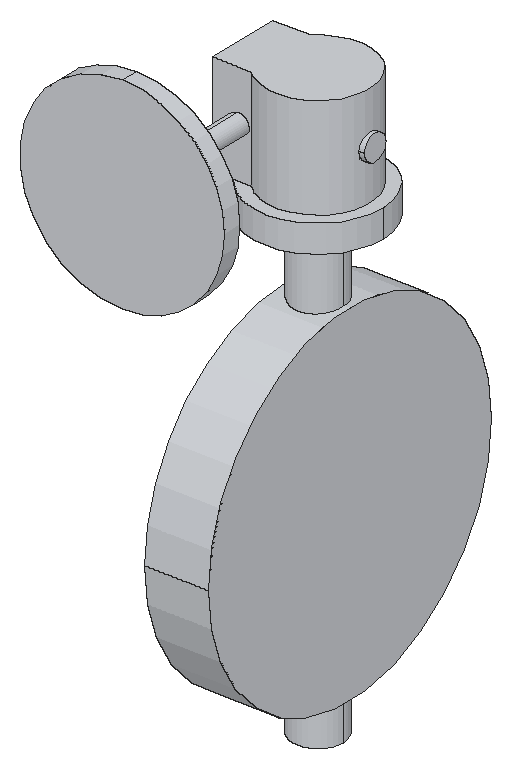
Revit family "HS497-68_disk-nerez_převodové kolo DN350-RFA_2019", category Pipe Accessories, Revit 2019
Family settings
  Round Connector Dimension = Use Diameter
  Part Type = Valve - Breaks Into
  Work Plane-Based = No
  Always vertical = Yes
  Cut with Voids When Loaded = No
  Shared = No
Parameters (values of type "HS 497-68_DN350_PN10_převodové kolo")
  magiProductId = "a5a01426cb28494ba3afca92f1dace"
  magiProductFamilyId = "53cea81e6f374d17b8841d9c72ad77"
  magiPartTypeId = 305
  isMeasuringValve [instance] = no
  ang2D [instance] = 0.00°
  X11 = 109.255 mm
  X1 = 45.255 mm
  W2D = 1000 mm
  VersionID = "2.0/2017.9.26.1/ZETKAMA_497_001"
  Use Minimum Symbol Size [instance] = yes
  URL = "http://www.hydronic.cz"
  Type Comments = "mezipřírubová; nerezový disk; PN10; -10~+110°C (krátkodobě +120°C)"
  SW30 = yes
  SW3 = yes
  SW21 = no
  SW20 = no
  SW2 = no
  SW1 = no
  R = 175 mm
  QmdConnectorList = "301;D;302;D"
  Productdata [instance] = ""
  NC = 70 mm
  Manufacturer = "Hydronic Systems Prague s.r.o."
  MM20 = 45.255 mm
  MC Product Code = "126 350 (nerezový disk, s převodovým kolem; DN350; PN10, kvs10165)"
  M41 = 91.5 mm
  M4 = 61 mm
  LHL = 220 mm
  LHH3 = 2.45 mm
  LHH1 = 46.55 mm
  LH1 = 73.333 mm
  L4R__ve = -L4R  # -22.2 mm
  L4R = 22.2 mm
  L42__ve = -L42  # -166.5 mm
  L42 = 166.5 mm
  L41__ve = -L41  # -33.3 mm
  L41 = 33.3 mm
  L2D_Min = 3048 mm
  L2D = 216 mm
  L2 = 39 mm
  L1 = 62.4 mm
  L = 78 mm
  H = 31 mm
  G22 = 11.25 mm
  G2 = 22.5 mm
  G1 = 90 mm
  G = 160 mm
  F = 22 mm
  E44 = 62.5 mm
  E42 = 125 mm
  E4 = 250 mm
  E23 = 4.9 mm
  E22 = 19.6 mm
  E21 = 9.8 mm
  Description = "Mezipřírubová uzavírací klapka s převodovým kolem; nerezový disk, DN350; PN10; kvs10165"
  DR2 = 175 mm
  DR = 430 mm
  DD1 = 31.25 mm
  DD = 25 mm
  D = 350 mm
  CAT0 = yes
  B2__ve = -B2  # -88 mm
  B2 = 88 mm
  A2 = 33.85 mm
  A1 = 129.65 mm
Types (43, lengths in mm): name | magiProductId | X11 | X1 | Type Comments | SW30 | SW3 | SW20 | SW2 | SW1 | R | NC | Manufacturer | MM20 | MC Product Code | M41 | M4 | LHL | LHH3 | LHH1 | LH1 | L4R__ve | L4R | L42__ve | L42 | L41__ve | L41 | L2 | L1 | L | H | G | F | E44 | E42 | E4 | E23 | E22 | E21 | Description | DR2 | DR | DD1 | DD | D | B2__ve | B2 | A2 | A1
  HS 497-68_DN100_PN16_volné vřeteno | "65d1b245f4f142c78569c0602d5754" | 61.456 | 25.456 | "mezipřírubová; nerezový disk; PN16; -10~+110°C (krátkodobě +120°C)" | no | no | no | no | yes | 50 | 50 | "Hydronic Systems Prague s.r.o." | 25.456 | "124 100 (nerezový disk, s volným vřetenem; DN100; PN16, kvs512)" | 66 | 44 | 220 | 2.45 | 46.55 | 73.333 | -12.8 | 12.8 | -96 | 96 | -19.2 | 19.2 | 26 | 41.6 | 52 | 30 | 90 | 11 | 31.25 | 62.5 | 125 | 4.9 | 19.6 | 9.8 | "Mezipřírubová uzavírací klapka s volným vřetenem; nerezový disk, DN100; PN16; kvs512" | 50 | 147 | 15.625 | 12.5 | 100 | -56 | 56 | 16.5 | 98.5
  HS 497-68_DN100_PN16_převodové kolo | "11e91b807e674d428c8e796fcdcfe2" | 61.456 | 25.456 | "mezipřírubová; nerezový disk; PN16; -10~+110°C (krátkodobě +120°C)" | yes | yes | no | no | no | 50 | 50 | "Hydronic Systems Prague s.r.o." | 25.456 | "126 100 (nerezový disk, s převodovým kolem; DN100; PN16, kvs512)" | 65.25 | 43.5 | 220 | 2.45 | 46.55 | 73.333 | -12.8 | 12.8 | -96 | 96 | -19.2 | 19.2 | 26 | 41.6 | 52 | 30 | 90 | 11 | 31.25 | 62.5 | 125 | 4.9 | 19.6 | 9.8 | "Mezipřírubová uzavírací klapka s převodovým kolem; nerezový disk, DN100; PN16; kvs512" | 50 | 147 | 15.625 | 12.5 | 100 | -56 | 56 | 16.5 | 98.5
  HS 497-68_DN100_PN16_s pákou | "28172f0b3f4b47b28323ac71cf8749" | 61.456 | 25.456 | "mezipřírubová; nerezový disk; PN16; -10~+110°C (krátkodobě +120°C)" | no | no | yes | yes | no | 50 | 50 | "Hydronic Systems Prague s.r.o." | 25.456 | "121 100 (nerezový disk, s pákou; DN100; PN16, kvs512)" | 66 | 44 | 260 | 3 | 57 | 86.667 | -12.8 | 12.8 | -96 | 96 | -19.2 | 19.2 | 26 | 41.6 | 52 | 30 | 90 | 11 | 31.25 | 62.5 | 125 | 6 | 24 | 12 | "Mezipřírubová uzavírací klapka s pákou; nerezový disk, DN100; PN16; kvs512" | 50 | 147 | 15.625 | 12.5 | 100 | -56 | 56 | 16.5 | 98.5
  HS 497-68_DN125_PN16_volné vřeteno | "0d813d910fc14f628bb3c2efbd185c" | 61.456 | 25.456 | "mezipřírubová; nerezový disk; PN16; -10~+110°C (krátkodobě +120°C)" | no | no | no | no | yes | 62.5 | 50 | "Hydronic Systems Prague s.r.o." | 25.456 | "124 125 (nerezový disk, s volným vřetenem; DN125; PN16, kvs872)" | 66 | 44 | 220 | 2.45 | 46.55 | 73.333 | -12.8 | 12.8 | -96 | 96 | -19.2 | 19.2 | 28 | 44.8 | 56 | 33 | 90 | 14 | 31.25 | 62.5 | 125 | 4.9 | 19.6 | 9.8 | "Mezipřírubová uzavírací klapka s volným vřetenem; nerezový disk, DN125; PN16; kvs872" | 62.5 | 180 | 15.625 | 12.5 | 125 | -64 | 64 | 18 | 99.5
  HS 497-68_DN125_PN16_převodové kolo | "c56b7c13f372467684996fb1e0e229" | 61.456 | 25.456 | "mezipřírubová; nerezový disk; PN16; -10~+110°C (krátkodobě +120°C)" | yes | yes | no | no | no | 62.5 | 50 | "Hydronic Systems Prague s.r.o." | 25.456 | "126125 (nerezový disk, s převodovým kolem; DN125; PN16, kvs872)" | 65.25 | 43.5 | 220 | 2.45 | 46.55 | 73.333 | -13.5 | 13.5 | -101.25 | 101.25 | -20.25 | 20.25 | 28 | 44.8 | 56 | 33 | 90 | 14 | 40 | 80 | 160 | 4.9 | 19.6 | 9.8 | "Mezipřírubová uzavírací klapka s převodovým kolem; nerezový disk, DN125; PN16; kvs872" | 62.5 | 180 | 20 | 16 | 125 | -64 | 64 | 18 | 99.5
  HS 497-68_DN125_PN16_s pákou | "105993c79a91492399feef7931321a" | 61.456 | 25.456 | "mezipřírubová; nerezový disk; PN16; -10~+110°C (krátkodobě +120°C)" | no | no | yes | yes | no | 62.5 | 50 | "Hydronic Systems Prague s.r.o." | 25.456 | "121 125 (nerezový disk, s pákou; DN125; PN16, kvs872)" | 66 | 44 | 315 | 3.75 | 71.25 | 105 | -12.8 | 12.8 | -96 | 96 | -19.2 | 19.2 | 28 | 44.8 | 56 | 33 | 90 | 14 | 31.25 | 62.5 | 125 | 7.5 | 30 | 15 | "Mezipřírubová uzavírací klapka s pákou; nerezový disk, DN125; PN16; kvs872" | 62.5 | 180 | 15.625 | 12.5 | 125 | -64 | 64 | 18 | 99.5
  HS 497-68_DN150_PN16_volné vřeteno | "50c80cb8ab434f55ab7796e5ac1331" | 61.456 | 25.456 | "mezipřírubová; nerezový disk; PN16; -10~+110°C (krátkodobě +120°C)" | no | no | no | no | yes | 75 | 50 | "Hydronic Systems Prague s.r.o." | 25.456 | "124 150 (nerezový disk, s volným vřetenem; DN150; PN16, kvs1347)" | 66 | 44 | 220 | 2.45 | 46.55 | 73.333 | -12.8 | 12.8 | -96 | 96 | -19.2 | 19.2 | 28 | 44.8 | 56 | 33 | 90 | 14 | 31.25 | 62.5 | 125 | 4.9 | 19.6 | 9.8 | "Mezipřírubová uzavírací klapka s volným vřetenem; nerezový disk, DN150; PN16; kvs1347" | 75 | 206 | 15.625 | 12.5 | 150 | -58 | 58 | 19.3 | 98.7
  HS 497-68_DN150_PN16_převodové kolo | "d94a1a0cf83b476eb10011b327f709" | 61.456 | 25.456 | "mezipřírubová; nerezový disk; PN16; -10~+110°C (krátkodobě +120°C)" | yes | yes | no | no | no | 75 | 50 | "Hydronic Systems Prague s.r.o." | 25.456 | "126 150 (nerezový disk, s převodovým kolem; DN150; PN16, kvs1347)" | 65.25 | 43.5 | 220 | 2.45 | 46.55 | 73.333 | -13.5 | 13.5 | -101.25 | 101.25 | -20.25 | 20.25 | 28 | 44.8 | 56 | 33 | 90 | 14 | 40 | 80 | 160 | 4.9 | 19.6 | 9.8 | "Mezipřírubová uzavírací klapka s převodovým kolem; nerezový disk, DN150; PN16; kvs1347" | 75 | 206 | 20 | 16 | 150 | -58 | 58 | 19.3 | 98.7
  HS 497-68_DN150_PN16_s pákou | "4d2835523fe84828bc50ff0a5a0dfb" | 61.456 | 25.456 | "mezipřírubová; nerezový disk; PN16; -10~+110°C (krátkodobě +120°C)" | no | no | yes | yes | no | 75 | 50 | "Hydronic Systems Prague s.r.o." | 25.456 | "121 150 (nerezový disk, s pákou; DN150; PN16, kvs1347)" | 66 | 44 | 315 | 3.75 | 71.25 | 105 | -12.8 | 12.8 | -96 | 96 | -19.2 | 19.2 | 28 | 44.8 | 56 | 33 | 90 | 14 | 31.25 | 62.5 | 125 | 7.5 | 30 | 15 | "Mezipřírubová uzavírací klapka s pákou; nerezový disk, DN150; PN16; kvs1347" | 75 | 206 | 15.625 | 12.5 | 150 | -58 | 58 | 19.3 | 98.7
  HS 497-68_DN200_PN16_volné vřeteno | "5b29029eaeba47139ee1055a4b9201" | 61.456 | 25.456 | "mezipřírubová; nerezový disk; PN16; -10~+110°C (krátkodobě +120°C)" | no | no | no | no | yes | 100 | 50 | "Hydronic Systems Prague s.r.o." | 25.456 | "124 200 (nerezový disk, s volným vřetenem; DN200; PN16, kvs2675)" | 66 | 44 | 220 | 2.45 | 46.55 | 73.333 | -12.8 | 12.8 | -96 | 96 | -19.2 | 19.2 | 30 | 48 | 60 | 33 | 90 | 17 | 31.25 | 62.5 | 125 | 4.9 | 19.6 | 9.8 | "Mezipřírubová uzavírací klapka s volným vřetenem; nerezový disk, DN200; PN16; kvs2675" | 100 | 257 | 15.625 | 12.5 | 200 | -70 | 70 | 22.5 | 102.5
  HS 497-68_DN200_PN16_převodové kolo | "b2793cc1fcc44cf2a35062cd67c04f" | 61.456 | 25.456 | "mezipřírubová; nerezový disk; PN16; -10~+110°C (krátkodobě +120°C)" | yes | yes | no | no | no | 100 | 57 | "Hydronic Systems Prague s.r.o." | 25.456 | "126 200 (nerezový disk, s převodovým kolem; DN200; PN16, kvs2675)" | 78.75 | 52.5 | 220 | 2.45 | 46.55 | 73.333 | -15.2 | 15.2 | -114 | 114 | -22.8 | 22.8 | 30 | 48 | 60 | 33 | 90 | 17 | 50 | 100 | 200 | 4.9 | 19.6 | 9.8 | "Mezipřírubová uzavírací klapka s převodovým kolem; nerezový disk, DN200; PN16; kvs2675" | 100 | 257 | 25 | 20 | 200 | -70 | 70 | 22.5 | 102.5
  HS 497-68_DN200_PN16_s pákou | "f88d96c7af224537a51e72d7d8fffe" | 61.456 | 25.456 | "mezipřírubová; nerezový disk; PN16; -10~+110°C (krátkodobě +120°C)" | no | no | yes | yes | no | 100 | 50 | "Hydronic Systems Prague s.r.o." | 25.456 | "121 200 (nerezový disk, s pákou; DN200; PN16, kvs2675)" | 66 | 44 | 315 | 3.75 | 71.25 | 105 | -12.8 | 12.8 | -96 | 96 | -19.2 | 19.2 | 30 | 48 | 60 | 33 | 90 | 17 | 31.25 | 62.5 | 125 | 7.5 | 30 | 15 | "Mezipřírubová uzavírací klapka s pákou; nerezový disk, DN200; PN16; kvs2675" | 100 | 257 | 15.625 | 12.5 | 200 | -70 | 70 | 22.5 | 102.5
  HS 497-68_DN250_PN16_volné vřeteno | "b662e8305ca2402b9c510e66e6aa55" | 88.77 | 36.77 | "mezipřírubová; nerezový disk; PN16; -10~+110°C (krátkodobě +120°C)" | no | no | no | no | yes | 125 | 50 | "Hydronic Systems Prague s.r.o." | 36.77 | "124 250 (nerezový disk, s volným vřetenem; DN250; PN16, kvs4555)" | 66 | 44 | 220 | 2.45 | 46.55 | 73.333 | -12.8 | 12.8 | -96 | 96 | -19.2 | 19.2 | 34 | 54.4 | 68 | 23 | 130 | 22 | 31.25 | 62.5 | 125 | 4.9 | 19.6 | 9.8 | "Mezipřírubová uzavírací klapka s volným vřetenem; nerezový disk, DN250; PN16; kvs4555" | 125 | 324 | 15.625 | 12.5 | 250 | -85 | 85 | 28.25 | 129.25
  HS 497-68_DN250_PN16_převodové kolo | "5ee9016806664ddfaa2632711f295c" | 88.77 | 36.77 | "mezipřírubová; nerezový disk; PN16; -10~+110°C (krátkodobě +120°C)" | yes | yes | no | no | no | 125 | 70 | "Hydronic Systems Prague s.r.o." | 36.77 | "126 250 (nerezový disk, s převodovým kolem; DN250; PN16, kvs4555)" | 91.5 | 61 | 220 | 2.45 | 46.55 | 73.333 | -22.2 | 22.2 | -166.5 | 166.5 | -33.3 | 33.3 | 34 | 54.4 | 68 | 23 | 130 | 22 | 62.5 | 125 | 250 | 4.9 | 19.6 | 9.8 | "Mezipřírubová uzavírací klapka s převodovým kolem; nerezový disk, DN250; PN16; kvs4555" | 125 | 324 | 31.25 | 25 | 250 | -85 | 85 | 28.25 | 129.25
  HS 497-68_DN300_PN16_volné vřeteno | "e1886f51ff004380a649519258edf2" | 88.77 | 36.77 | "mezipřírubová; nerezový disk; PN16; -10~+110°C (krátkodobě +120°C)" | no | no | no | no | yes | 150 | 50 | "Hydronic Systems Prague s.r.o." | 36.77 | "124 300 (nerezový disk, s volným vřetenem; DN300; PN16, kvs7037)" | 66 | 44 | 220 | 2.45 | 46.55 | 73.333 | -12.8 | 12.8 | -96 | 96 | -19.2 | 19.2 | 39 | 62.4 | 78 | 23 | 130 | 22 | 31.25 | 62.5 | 125 | 4.9 | 19.6 | 9.8 | "Mezipřírubová uzavírací klapka s volným vřetenem; nerezový disk, DN300; PN16; kvs7037" | 150 | 376 | 15.625 | 12.5 | 300 | -90 | 90 | 30.8 | 127.2
  HS 497-68_DN300_PN16_převodové kolo | "6860f094f77d42088fbebc3c97f755" | 88.77 | 36.77 | "mezipřírubová; nerezový disk; PN16; -10~+110°C (krátkodobě +120°C)" | yes | yes | no | no | no | 150 | 70 | "Hydronic Systems Prague s.r.o." | 36.77 | "126 300 (nerezový disk, s převodovým kolem; DN300; PN16, kvs7037)" | 91.5 | 61 | 220 | 2.45 | 46.55 | 73.333 | -22.2 | 22.2 | -166.5 | 166.5 | -33.3 | 33.3 | 39 | 62.4 | 78 | 23 | 130 | 22 | 62.5 | 125 | 250 | 4.9 | 19.6 | 9.8 | "Mezipřírubová uzavírací klapka s převodovým kolem; nerezový disk, DN300; PN16; kvs7037" | 150 | 376 | 31.25 | 25 | 300 | -90 | 90 | 30.8 | 127.2
  HS 497-68_DN032_PN16_volné vřeteno | "8c5f65de52aa4067a77564107e31b2" | 61.456 | 25.456 | "mezipřírubová; nerezový disk; PN16; -10~+110°C (krátkodobě +120°C)" | no | no | no | no | yes | 16 | 50 | "Hydronic Systems Prague s.r.o." | 25.456 | "124 032 (nerezový disk, s volným vřetenem; DN32; PN16, kvs78)" | 66 | 44 | 220 | 2.45 | 46.55 | 73.333 | -12.8 | 12.8 | -96 | 96 | -19.2 | 19.2 | 16.5 | 26.4 | 33 | 30 | 90 | 11 | 31.25 | 62.5 | 125 | 4.9 | 19.6 | 9.8 | "Mezipřírubová uzavírací klapka s volným vřetenem; nerezový disk, DN32; PN16; kvs78" | 16 | 68 | 15.625 | 12.5 | 32 | -44.2 | 44.2 | 10.25 | 76.25
  HS 497-68_DN032_PN16_převodové kolo | "60aaeffa8b3a4e809ef000e4660060" | 61.456 | 25.456 | "mezipřírubová; nerezový disk; PN16; -10~+110°C (krátkodobě +120°C)" | yes | yes | no | no | no | 16 | 50 | "Hydronic Systems Prague s.r.o." | 25.456 | "126 032 (nerezový disk, s převodovým kolem; DN32; PN16, kvs78)" | 65.25 | 43.5 | 220 | 2.45 | 46.55 | 73.333 | -12.8 | 12.8 | -96 | 96 | -19.2 | 19.2 | 16.5 | 26.4 | 33 | 30 | 90 | 11 | 31.25 | 62.5 | 125 | 4.9 | 19.6 | 9.8 | "Mezipřírubová uzavírací klapka s převodovým kolem; nerezový disk, DN32; PN16; kvs78" | 16 | 68 | 15.625 | 12.5 | 32 | -44.2 | 44.2 | 10.25 | 76.25
  HS 497-68_DN032_PN16_s pákou | "9ad8088d610749a1b871aa2aad8007" | 61.456 | 25.456 | "mezipřírubová; nerezový disk; PN16; -10~+110°C (krátkodobě +120°C)" | no | no | yes | yes | no | 16 | 50 | "Hydronic Systems Prague s.r.o." | 25.456 | "121 032 (nerezový disk, s pákou; DN32; PN16, kvs78)" | 66 | 44 | 220 | 2.45 | 46.55 | 73.333 | -12.8 | 12.8 | -96 | 96 | -19.2 | 19.2 | 16.5 | 26.4 | 33 | 30 | 90 | 11 | 31.25 | 62.5 | 125 | 4.9 | 19.6 | 9.8 | "Mezipřírubová uzavírací klapka s pákou; nerezový disk, DN32; PN16; kvs78" | 16 | 68 | 15.625 | 12.5 | 32 | -44.2 | 44.2 | 10.25 | 76.25
  HS 497-68_DN350_PN10_volné vřeteno | "72a1e05f22944421b7e9596a877137" | 109.255 | 45.255 | "mezipřírubová; nerezový disk; PN10; -10~+110°C (krátkodobě +120°C)" | no | no | no | no | yes | 175 | 50 | "Hydronic Systems Prague s.r.o." | 45.255 | "124 350 (nerezový disk, s volným vřetenem; DN350; PN10, kvs10165)" | 66 | 44 | 220 | 2.45 | 46.55 | 73.333 | -12.8 | 12.8 | -96 | 96 | -19.2 | 19.2 | 39 | 62.4 | 78 | 31 | 160 | 22 | 31.25 | 62.5 | 125 | 4.9 | 19.6 | 9.8 | "Mezipřírubová uzavírací klapka s volným vřetenem; nerezový disk, DN350; PN10; kvs10165" | 175 | 430 | 15.625 | 12.5 | 350 | -88 | 88 | 33.85 | 129.65
  HS 497-68_DN350_PN10_převodové kolo | "a5a01426cb28494ba3afca92f1dace" | 109.255 | 45.255 | "mezipřírubová; nerezový disk; PN10; -10~+110°C (krátkodobě +120°C)" | yes | yes | no | no | no | 175 | 70 | "Hydronic Systems Prague s.r.o." | 45.255 | "126 350 (nerezový disk, s převodovým kolem; DN350; PN10, kvs10165)" | 91.5 | 61 | 220 | 2.45 | 46.55 | 73.333 | -22.2 | 22.2 | -166.5 | 166.5 | -33.3 | 33.3 | 39 | 62.4 | 78 | 31 | 160 | 22 | 62.5 | 125 | 250 | 4.9 | 19.6 | 9.8 | "Mezipřírubová uzavírací klapka s převodovým kolem; nerezový disk, DN350; PN10; kvs10165" | 175 | 430 | 31.25 | 25 | 350 | -88 | 88 | 33.85 | 129.65
  HS 497-68_DN400_PN10_volné vřeteno | "c70ebeb927c04ab99b176e257ad0a7" | 109.255 | 45.255 | "mezipřírubová; nerezový disk; PN10; -10~+110°C (krátkodobě +120°C)" | no | no | no | no | yes | 200 | 50 | "Hydronic Systems Prague s.r.o." | 45.255 | "124 400 (nerezový disk, s volným vřetenem; DN400; PN10, kvs13799)" | 66 | 44 | 220 | 2.45 | 46.55 | 73.333 | -12.8 | 12.8 | -96 | 96 | -19.2 | 19.2 | 51 | 81.6 | 102 | 31 | 160 | 27 | 31.25 | 62.5 | 125 | 4.9 | 19.6 | 9.8 | "Mezipřírubová uzavírací klapka s volným vřetenem; nerezový disk, DN400; PN10; kvs13799" | 200 | 485 | 15.625 | 12.5 | 400 | -108 | 108 | 38 | 142
  HS 497-68_DN400_PN10_převodové kolo | "cc64a4384dcb41b780d81810f4f293" | 109.255 | 45.255 | "mezipřírubová; nerezový disk; PN10; -10~+110°C (krátkodobě +120°C)" | yes | yes | no | no | no | 200 | 72.5 | "Hydronic Systems Prague s.r.o." | 45.255 | "126 400 (nerezový disk, s převodovým kolem; DN400; PN10, kvs13799)" | 103.5 | 69 | 220 | 2.45 | 46.55 | 73.333 | -27.8 | 27.8 | -208.5 | 208.5 | -41.7 | 41.7 | 51 | 81.6 | 102 | 31 | 160 | 27 | 75 | 150 | 300 | 4.9 | 19.6 | 9.8 | "Mezipřírubová uzavírací klapka s převodovým kolem; nerezový disk, DN400; PN10; kvs13799" | 200 | 485 | 37.5 | 30 | 400 | -108 | 108 | 38 | 142
  HS 497-68_DN040_PN16_volné vřeteno | "35f92312390745e88df5b5c325d9ee" | 61.456 | 25.456 | "mezipřírubová; nerezový disk; PN16; -10~+110°C (krátkodobě +120°C)" | no | no | no | no | yes | 20 | 50 | "Hydronic Systems Prague s.r.o." | 25.456 | "124 040 (nerezový disk, s volným vřetenem; DN40; PN16, kvs78)" | 66 | 44 | 220 | 2.45 | 46.55 | 73.333 | -12.8 | 12.8 | -96 | 96 | -19.2 | 19.2 | 16.5 | 26.4 | 33 | 30 | 90 | 11 | 31.25 | 62.5 | 125 | 4.9 | 19.6 | 9.8 | "Mezipřírubová uzavírací klapka s volným vřetenem; nerezový disk, DN40; PN16; kvs78" | 20 | 76 | 15.625 | 12.5 | 40 | -36 | 36 | 11 | 79
  HS 497-68_DN040_PN16_převodové kolo | "d88e968eae3445bc9b7b4e6ff35127" | 61.456 | 25.456 | "mezipřírubová; nerezový disk; PN16; -10~+110°C (krátkodobě +120°C)" | yes | yes | no | no | no | 20 | 50 | "Hydronic Systems Prague s.r.o." | 25.456 | "126 040 (nerezový disk, s převodovým kolem; DN40; PN16, kvs78)" | 65.25 | 43.5 | 220 | 2.45 | 46.55 | 73.333 | -12.8 | 12.8 | -96 | 96 | -19.2 | 19.2 | 16.5 | 26.4 | 33 | 30 | 90 | 11 | 31.25 | 62.5 | 125 | 4.9 | 19.6 | 9.8 | "Mezipřírubová uzavírací klapka s převodovým kolem; nerezový disk, DN40; PN16; kvs78" | 20 | 76 | 15.625 | 12.5 | 40 | -36 | 36 | 11 | 79
  HS 497-68_DN040_PN16_s pákou | "c1b522ca65b4407a98818f232eaacb" | 61.456 | 25.456 | "mezipřírubová; nerezový disk; PN16; -10~+110°C (krátkodobě +120°C)" | no | no | yes | yes | no | 20 | 50 | "Hydronic Systems Prague s.r.o." | 25.456 | "121 040 (nerezový disk, s pákou; DN40; PN16, kvs78)" | 66 | 44 | 220 | 2.45 | 46.55 | 73.333 | -12.8 | 12.8 | -96 | 96 | -19.2 | 19.2 | 16.5 | 26.4 | 33 | 30 | 90 | 11 | 31.25 | 62.5 | 125 | 4.9 | 19.6 | 9.8 | "Mezipřírubová uzavírací klapka s pákou; nerezový disk, DN40; PN16; kvs78" | 20 | 76 | 15.625 | 12.5 | 40 | -36 | 36 | 11 | 79
  HS 497-68_DN450_PN10_volné vřeteno | "a8358bc282f14872b3194e530e590a" | 129.74 | 53.74 | "mezipřírubová; nerezový disk; PN10; -10~+110°C (krátkodobě +120°C)" | no | no | no | no | yes | 225 | 50 | "Hydronic Systems Prague s.r.o." | 53.74 | "124 450 (nerezový disk, s volným vřetenem; DN450; PN10, kvs18514)" | 66 | 44 | 220 | 2.45 | 46.55 | 73.333 | -12.8 | 12.8 | -96 | 96 | -19.2 | 19.2 | 57 | 91.2 | 114 | 38 | 190 | 36 | 31.25 | 62.5 | 125 | 4.9 | 19.6 | 9.8 | "Mezipřírubová uzavírací klapka s volným vřetenem; nerezový, DN450; PN10; kvs18514" | 225 | 536 | 15.625 | 12.5 | 450 | -115 | 115 | 38.05 | 117.45
  HS 497-68_DN450_PN10_převodové kolo | "cdf2d80f54a9414f9cbe50647c0ebd" | 129.74 | 53.74 | "mezipřírubová; nerezový disk; PN10; -10~+110°C (krátkodobě +120°C)" | yes | yes | no | no | no | 225 | 91.5 | "Zetkama" | 53.74 | "126 450 (nerezový disk, s převodovým kolem; DN450; PN10, kvs18514)" | 144.75 | 96.5 | 220 | 2.45 | 46.55 | 73.333 | -32.1 | 32.1 | -240.75 | 240.75 | -48.15 | 48.15 | 57 | 91.2 | 114 | 38 | 190 | 36 | 100 | 200 | 400 | 4.9 | 19.6 | 9.8 | "Mezipřírubová uzavírací klapka s převodovým kolem; nerezový disk, DN450; PN10; kvs18514" | 225 | 536 | 50 | 40 | 450 | -115 | 115 | 38.05 | 117.45
  HS 497-68_DN500_PN10_volné vřeteno | "8c396e27bb2743f98f3c762b6517cd" | 143.397 | 59.397 | "mezipřírubová; nerezový disk; PN10; -10~+110°C (krátkodobě +120°C)" | no | no | no | no | yes | 250 | 50 | "Hydronic Systems Prague s.r.o." | 59.397 | "124 500 (nerezový disk, s volným vřetenem; DN500; PN10, kvs23805)" | 66 | 44 | 220 | 2.45 | 46.55 | 73.333 | -12.8 | 12.8 | -96 | 96 | -19.2 | 19.2 | 63.5 | 101.6 | 127 | 38 | 210 | 36 | 31.25 | 62.5 | 125 | 4.9 | 19.6 | 9.8 | "Mezipřírubová uzavírací klapka s volným vřetenem; nerezový disk, DN500; PN10; kvs23805" | 250 | 593 | 15.625 | 12.5 | 500 | -130 | 130 | 43.25 | 139.25
  HS 497-68_DN500_PN10_převodové kolo | "7647804f32e94cef828a7034a91a46" | 143.397 | 59.397 | "mezipřírubová; nerezový disk; PN10; -10~+110°C (krátkodobě +120°C)" | yes | yes | no | no | no | 250 | 91.5 | "Zetkama" | 59.397 | "126 500 (nerezový disk, s převodovým kolem; DN500; PN10, kvs23805)" | 144.75 | 96.5 | 220 | 2.45 | 46.55 | 73.333 | -32.1 | 32.1 | -240.75 | 240.75 | -48.15 | 48.15 | 63.5 | 101.6 | 127 | 38 | 210 | 36 | 100 | 200 | 400 | 4.9 | 19.6 | 9.8 | "Mezipřírubová uzavírací klapka s převodovým kolem; nerezový disk, DN500; PN10; kvs23805" | 250 | 593 | 50 | 40 | 500 | -130 | 130 | 43.25 | 139.25
  HS 497-68_DN050_volné vřeteno | "d71f296ecd6d4adf8f6e5d9853b4e0" | 61.456 | 25.456 | "mezipřírubová; nerezový disk; PN16; -10~+110°C (krátkodobě +120°C)" | no | no | no | no | yes | 25 | 50 | "Hydronic Systems Prague s.r.o." | 25.456 | "124 050 (nerezový disk, s volným vřetenem; DN50; PN16, kvs98)" | 66 | 44 | 220 | 2.45 | 46.55 | 73.333 | -12.8 | 12.8 | -96 | 96 | -19.2 | 19.2 | 21.5 | 34.4 | 43 | 30 | 90 | 11 | 31.25 | 62.5 | 125 | 4.9 | 19.6 | 9.8 | "Mezipřírubová uzavírací klapka s volným vřetenem; nerezový disk, DN50; PN16; kvs98" | 25 | 100 | 15.625 | 12.5 | 50 | -36.5 | 36.5 | 12 | 83
  HS 497-68_DN050_PN16_převodové kolo | "2fb080deeaed49c58418b94c1da5a4" | 61.456 | 25.456 | "mezipřírubová; nerezový disk; PN16; -10~+110°C (krátkodobě +120°C)" | yes | yes | no | no | no | 25 | 50 | "Hydronic Systems Prague s.r.o." | 25.456 | "126 050 (nerezový disk, s převodovým kolem; DN50; PN16, kvs98)" | 65.25 | 43.5 | 220 | 2.45 | 46.55 | 73.333 | -12.8 | 12.8 | -96 | 96 | -19.2 | 19.2 | 21.5 | 34.4 | 43 | 30 | 90 | 11 | 31.25 | 62.5 | 125 | 4.9 | 19.6 | 9.8 | "Mezipřírubová uzavírací klapka s převodovým kolem; nerezový disk, DN50; PN16; kvs98" | 25 | 100 | 15.625 | 12.5 | 50 | -36.5 | 36.5 | 12 | 83
  HS 497-68_DN050_PN16_s pákou | "dabc632061f94877a994b9b4e68112" | 61.456 | 25.456 | "mezipřírubová; nerezový disk; PN16; -10~+110°C (krátkodobě +120°C)" | no | no | yes | yes | no | 25 | 50 | "Hydronic Systems Prague s.r.o." | 25.456 | "121 050 (nerezový disk, s pákou; DN50; PN16, kvs98)" | 66 | 44 | 220 | 2.45 | 46.55 | 73.333 | -12.8 | 12.8 | -96 | 96 | -19.2 | 19.2 | 21.5 | 34.4 | 43 | 30 | 90 | 11 | 31.25 | 62.5 | 125 | 4.9 | 19.6 | 9.8 | "Mezipřírubová uzavírací klapka s pákou; nerezový disk, DN50; PN16; kvs98" | 25 | 100 | 15.625 | 12.5 | 50 | -36.5 | 36.5 | 12 | 83
  HS 497-68_DN600_PN10_volné vřeteno | "99d5892c14664fce81a7c5903f7711" | 143.397 | 59.397 | "mezipřírubová; nerezový disk; PN10; -10~+110°C (krátkodobě +120°C)" | no | no | no | no | yes | 300 | 50 | "Hydronic Systems Prague s.r.o." | 59.397 | "124 600 (nerezový disk, s volným vřetenem; DN600; PN10, kvs36778)" | 66 | 44 | 220 | 2.45 | 46.55 | 73.333 | -12.8 | 12.8 | -96 | 96 | -19.2 | 19.2 | 77 | 123.2 | 154 | 80 | 210 | 60 | 31.25 | 62.5 | 125 | 4.9 | 19.6 | 9.8 | "Mezipřírubová uzavírací klapka s volným vřetenem; nerezový disk, DN600; PN10; kvs36788" | 300 | 690 | 15.625 | 12.5 | 600 | -140 | 140 | 49.4 | 144.6
  HS 497-68_DN600_PN10_převodové kolo | "b1e26faab48a4c499f6bb11e7e3002" | 143.397 | 59.397 | "mezipřírubová; lnerezový disk; PN10; -10~+110°C (krátkodobě +120°C)" | yes | yes | no | no | no | 300 | 140 | "Hydronic Systems Prague s.r.o." | 59.397 | "126 600 (nerezový disk, s převodovým kolem; DN600; PN10, kvs36778)" | 206.25 | 137.5 | 220 | 2.45 | 46.55 | 73.333 | -40.8 | 40.8 | -306 | 306 | -61.2 | 61.2 | 77 | 123.2 | 154 | 80 | 210 | 60 | 125 | 250 | 500 | 4.9 | 19.6 | 9.8 | "Mezipřírubová uzavírací klapka s převodovým kolem; nerezový disk, DN600; PN10; kvs36788" | 300 | 690 | 62.5 | 50 | 600 | -140 | 140 | 49.4 | 144.6
  HS 497-68_DN065_PN16_volné vřeteno | "5e5e208646e34ec29f889baab5d08e" | 61.456 | 25.456 | "mezipřírubová; lnerezový disk; PN16; -10~+110°C (krátkodobě +120°C)" | no | no | no | no | yes | 32.5 | 50 | "Hydronic Systems Prague s.r.o." | 25.456 | "124 065 (nerezový disk, s volným vřetenem; DN65; PN16, kvs167)" | 66 | 44 | 220 | 2.45 | 46.55 | 73.333 | -12.8 | 12.8 | -96 | 96 | -19.2 | 19.2 | 23 | 36.8 | 46 | 30 | 90 | 11 | 31.25 | 62.5 | 125 | 4.9 | 19.6 | 9.8 | "Mezipřírubová uzavírací klapka s volným vřetenem; nerezový disk, DN65; PN16; kv167" | 32.5 | 108 | 15.625 | 12.5 | 65 | -36.5 | 36.5 | 13.5 | 89
  HS 497-68_DN065_PN16_převodové kolo | "654d74c8d15540b0bfe523d988ccb3" | 61.456 | 25.456 | "mezipřírubová; nerezový disk; PN16; -10~+110°C (krátkodobě +120°C)" | yes | yes | no | no | no | 32.5 | 50 | "Hydronic Systems Prague s.r.o." | 25.456 | "126 065 (nerezový disk, s převodovým kolem; DN65; PN16, kvs167)" | 65.25 | 43.5 | 220 | 2.45 | 46.55 | 73.333 | -12.8 | 12.8 | -96 | 96 | -19.2 | 19.2 | 23 | 36.8 | 46 | 30 | 90 | 11 | 31.25 | 62.5 | 125 | 4.9 | 19.6 | 9.8 | "Mezipřírubová uzavírací klapka s převodovým kolem; nerezový disk, DN65; PN16; kvs167" | 32.5 | 108 | 15.625 | 12.5 | 65 | -36.5 | 36.5 | 13.5 | 89
  HS 497-68_DN065_PN16_s pákou | "ebeb4b59db0641caaf6d6635ab37b9" | 61.456 | 25.456 | "mezipřírubová; nerezový disk; PN16; -10~+110°C (krátkodobě +120°C)" | no | no | yes | yes | no | 32.5 | 50 | "Hydronic Systems Prague s.r.o." | 25.456 | "121 065 (nerezový disk, s pákou; DN65; PN16, kvs167)" | 66 | 44 | 220 | 2.45 | 46.55 | 73.333 | -12.8 | 12.8 | -96 | 96 | -19.2 | 19.2 | 23 | 36.8 | 46 | 30 | 90 | 11 | 31.25 | 62.5 | 125 | 4.9 | 19.6 | 9.8 | "Mezipřírubová uzavírací klapka s pákou; nerezový disk, DN65; PN16; kvs167" | 32.5 | 108 | 15.625 | 12.5 | 65 | -36.5 | 36.5 | 13.5 | 89
  HS 497-68_DN080_PN16_volné vřeteno | "9e85c75c18654e1185a9c48ed6b00e" | 61.456 | 25.456 | "mezipřírubová; nerezový disk; PN16; -10~+110°C (krátkodobě +120°C)" | no | no | no | no | yes | 40 | 50 | "Hydronic Systems Prague s.r.o." | 25.456 | "124 080 (nerezový disk, s volným vřetenem; DN80; PN16, kvs258)" | 66 | 44 | 220 | 2.45 | 46.55 | 73.333 | -12.8 | 12.8 | -96 | 96 | -19.2 | 19.2 | 23 | 36.8 | 46 | 30 | 90 | 11 | 31.25 | 62.5 | 125 | 4.9 | 19.6 | 9.8 | "Mezipřírubová uzavírací klapka s volným vřetenem; nerezový disk, DN80; PN16; kvs258" | 40 | 124 | 15.625 | 12.5 | 80 | -54 | 54 | 14.1 | 86.9
  HS 497-68_DN080_PN16_převodové kolo | "5b3c8238c3d041e68c75b199e7ea46" | 61.456 | 25.456 | "mezipřírubová; nerezový disk; PN16; -10~+110°C (krátkodobě +120°C)" | yes | yes | no | no | no | 40 | 50 | "Hydronic Systems Prague s.r.o." | 25.456 | "126 080 (nerezový disk, s převodovým kolem; DN80; PN16, kvs258)" | 65.25 | 43.5 | 220 | 2.45 | 46.55 | 73.333 | -12.8 | 12.8 | -96 | 96 | -19.2 | 19.2 | 23 | 36.8 | 46 | 30 | 90 | 11 | 31.25 | 62.5 | 125 | 4.9 | 19.6 | 9.8 | "Mezipřírubová uzavírací klapka s převodovým kolem; nerezový disk, DN80; PN16; kvs258" | 40 | 124 | 15.625 | 12.5 | 80 | -54 | 54 | 14.1 | 86.9
  HS 497-68_DN080_PN16_s pákou | "e414795fab0f4eccb99bc3572c5477" | 61.456 | 25.456 | "mezipřírubová; nerezový disk; PN16; -10~+110°C (krátkodobě +120°C)" | no | no | yes | yes | no | 40 | 50 | "Hydronic Systems Prague s.r.o." | 25.456 | "121 080 (nerezový disk, s pákou; DN80; PN16, kvs258)" | 66 | 44 | 260 | 3 | 57 | 86.667 | -12.8 | 12.8 | -96 | 96 | -19.2 | 19.2 | 23 | 36.8 | 46 | 30 | 90 | 11 | 31.25 | 62.5 | 125 | 6 | 24 | 12 | "Mezipřírubová uzavírací klapka s pákou; nerezový disk, DN80; PN16; kvs258" | 40 | 124 | 15.625 | 12.5 | 80 | -54 | 54 | 14.1 | 86.9
  HS 497-68_DN250_PN16_s pákou | "" | 88.77 | 36.77 | "mezipřírubová; nerezový disk; PN16; -10~+110°C (krátkodobě +120°C)" | no | no | yes | yes | no | 125 | 70 | "Hydronic Systems Prague s.r.o." | 36.77 | "121 250 (nerezový disk, s ákou; DN250; PN16, kvs4555)" | 91.5 | 61 | 220 | 2.45 | 46.55 | 73.333 | -22.2 | 22.2 | -166.5 | 166.5 | -33.3 | 33.3 | 34 | 54.4 | 68 | 23 | 130 | 22 | 62.5 | 125 | 250 | 4.9 | 19.6 | 9.8 | "Mezipřírubová uzavírací klapka s pákou; nerezový disk, DN250; PN16; kvs4555" | 125 | 324 | 31.25 | 25 | 250 | -85 | 85 | 28.25 | 129.25
  HS 497-68_DN300_PN16_s pákou | "" | 88.77 | 36.77 | "mezipřírubová; nerezový disk; PN16; -10~+110°C (krátkodobě +120°C)" | no | no | yes | yes | no | 150 | 70 | "Hydronic Systems Prague s.r.o." | 36.77 | "121 300 (nerezový disk, s pákou; DN300; PN16, kvs7037)" | 91.5 | 61 | 220 | 2.45 | 46.55 | 73.333 | -22.2 | 22.2 | -166.5 | 166.5 | -33.3 | 33.3 | 39 | 62.4 | 78 | 23 | 130 | 22 | 62.5 | 125 | 250 | 4.9 | 19.6 | 9.8 | "Mezipřírubová uzavírací klapka s pákou; nerezový disk, DN300; PN16; kvs7037" | 150 | 376 | 31.25 | 25 | 300 | -90 | 90 | 30.8 | 127.2
Reference planes
  plane 1 "Center (Front/Back)": y = 0
  plane 2 "XYPLANE": z = 0
  plane 3 "Center (Left/Right)": x = 0
  plane 4 "473": x = -45.255
  plane 5 "472": x = -91.5
  plane 6 "471": y = -45.255
  plane 7 "470": y = 45.255
  plane 8 "469": x = -61
  plane 9 "468": y = -199.8
  plane 10 "467": y = -166.5
  plane 11 "466": z = 401
  plane 12 "465": z = 385.05
  plane 13 "464": y = 145.417
  plane 14 "463": z = 375.25
  plane 15 "462": z = 358.1
  plane 16 "461": z = 367.9
  plane 17 "460": y = 72.083
  plane 18 "459": x = -11.25
  plane 19 "458": x = 11.25
  plane 20 "457": y = -6.25
  plane 21 "456": x = -17.5
  plane 22 "455": x = 17.5
  plane 23 "454": z = 372.8
  plane 24 "453": y = 62.083
  plane 25 "452": y = -11.25
  plane 26 "451": x = -22.5
  plane 27 "450": x = 22.5
  plane 28 "449": z = 353.2
  plane 29 "448": z = 348.3
  plane 30 "447": z = -175
  plane 31 "446": z = 338.5
  plane 32 "445": z = 304.65
  plane 33 "444": z = 175
  plane 34 "443": x = 39
  plane 35 "442": x = -39
  plane 36 "441": z = 0
  plane 37 "440": y = 0
  plane 38 "439": x = 0
  plane 39 "438": z = 387.5
  plane 40 "437": z = 372.8
  plane 41 "436": x = 13.7
  plane 42 "435": x = -13.7
  plane 43 "434": y = 220
Forms (mm)
  Extrusion 1, solid, visible <- "SW3"
    sketch origin (-750, 0, 338.5) x (1, 0, 0) y (0, 1, 0)
      loop
        line (658.5, 45.255) -> (658.5, -45.255) -> (704.745, -45.255)
        arc (704.745, -45.255) -> (814, 0) -> (704.745, 45.255) r 64
        line (704.745, 45.255) -> (658.5, 45.255)
    from 0 to 125 <- "E42"
  Extrusion 2, solid, visible <- "SW30"
    sketch origin (0, -750, 0) x (0, 1, 0) y (0, 0, 1)
      loop
        circle (750, 401) r 15.625
    from 0 to 70 <- "NC"
  Extrusion 3, solid, visible <- "SW30"
    sketch origin (750, -199.8, 0) x (-1, 0, 0) y (0, 0, 1)
      loop
        circle (811, 401) r 125
    from 0 to -22.2 <- "L4R__ve"
  Extrusion 4, solid, visible <- "SW3"
    sketch origin (750, -166.5, 0) x (-1, 0, 0) y (0, 0, 1)
      loop
        circle (811, 401) r 15.625
    from 0 to -33.3 <- "L41__ve"
  Extrusion 5, solid, visible <- "SW30"
    sketch origin (750, 0, 0) x (-1, 0, 0) y (0, 0, 1)
      loop
        circle (811, 401) r 12.5
    from 0 to -166.5 <- "L42__ve"
  Blend 6, solid, visible <- "SW21"
    base sketch origin (750, 72.083, 0) x (-1, 0, 0) y (0, 0, 1)
      loop
        line (761.25, 367.9) -> (738.75, 367.9) -> (738.75, 358.1) -> (761.25, 358.1) -> (761.25, 367.9)
    top sketch origin (750, 72.083, 0) x (-1, 0, 0) y (0, 0, 1)
      loop
        line (761.25, 385.05) -> (738.75, 385.05) -> (738.75, 375.25) -> (761.25, 375.25) -> (761.25, 385.05)
    from 0 to 73.333
  Blend 7, solid, visible <- "SW21"
    base sketch origin (750, 62.083, 0) x (-1, 0, 0) y (0, 0, 1)
      loop
        line (761.25, 372.8) -> (738.75, 372.8) -> (738.75, 353.2) -> (761.25, 353.2) -> (761.25, 372.8)
    top sketch origin (750, 62.083, 0) x (-1, 0, 0) y (0, 0, 1)
      loop
        line (761.25, 367.9) -> (738.75, 367.9) -> (738.75, 358.1) -> (761.25, 358.1) -> (761.25, 367.9)
    from 0 to 10
  Blend 8, solid, visible <- "SW21"
    base sketch origin (-750, 0, 353.2) x (1, 0, 0) y (0, 1, 0)
      loop
        line (772.5, 62.083) -> (727.5, 62.083) -> (727.5, -11.25)
        arc (727.5, -11.25) -> (750, -31.25) -> (772.5, -11.25) r 22.656
        line (772.5, -11.25) -> (772.5, 62.083)
    top sketch origin (-750, 0, 353.2) x (1, 0, 0) y (0, 1, 0)
      loop
        line (767.5, 62.083) -> (732.5, 62.083) -> (732.5, -6.25)
        arc (732.5, -6.25) -> (750, -26.25) -> (767.5, -6.25) r 17.656
        line (767.5, -6.25) -> (767.5, 62.083)
    from 0 to 19.6
  Extrusion 9, solid, visible <- "SW2"
    sketch origin (-750, 0, 348.3) x (1, 0, 0) y (0, 1, 0)
      loop
        circle (750, 0) r 11.25
    from 0 to 4.9 <- "E23"
  Extrusion 10, solid, visible <- "SW2"
    sketch origin (-750, 0, 338.5) x (1, 0, 0) y (0, 1, 0)
      loop
        circle (750, 0) r 45
    from 0 to 9.8 <- "E21"
  Extrusion 11, solid, visible <- "CAT0"
    sketch origin (-750, 0, -175) x (1, 0, 0) y (0, 1, 0)
      loop
        circle (750, 0) r 31.2
    from 0 to -88 <- "B2__ve"
  Extrusion 12, solid, visible <- "CAT0"
    sketch origin (-750, 0, 304.65) x (1, 0, 0) y (0, 1, 0)
      loop
        circle (750, 0) r 80
    from 0 to 33.85 <- "A2"
  Extrusion 13, solid, visible <- "CAT0"
    sketch origin (-750, 0, 175) x (1, 0, 0) y (0, 1, 0)
      loop
        circle (750, 0) r 31.2
    from 0 to 129.65 <- "A1"
  Extrusion 14, solid, visible <- "CAT0"
    sketch origin (-39, -750, 0) x (0, 1, 0) y (0, 0, 1)
      loop
        circle (750, 0) r 215
    from 0 to 78 <- "L"
  Extrusion 15, solid, visible <- "SW1"
    sketch origin (-750, 0, 338.5) x (1, 0, 0) y (0, 1, 0)
      loop
        line (761, 11) -> (739, 11) -> (739, -11) -> (761, -11) -> (761, 11)
    from 0 to 31 <- "H"
  Blend 16, solid, visible <- "SW2"
    base sketch origin (750, 145.417, 0) x (-1, 0, 0) y (0, 0, 1)
      loop
        arc (763.7, 382.5) -> (762.236, 386.036) -> (758.7, 387.5) r 5
        line (758.7, 387.5) -> (741.3, 387.5)
        arc (741.3, 387.5) -> (737.764, 386.036) -> (736.3, 382.5) r 5
        line (736.3, 382.5) -> (736.3, 377.8)
        arc (736.3, 377.8) -> (737.764, 374.264) -> (741.3, 372.8) r 5
        line (741.3, 372.8) -> (758.7, 372.8)
        arc (758.7, 372.8) -> (762.236, 374.264) -> (763.7, 377.8) r 5
        line (763.7, 377.8) -> (763.7, 382.5)
    top sketch origin (750, 145.417, 0) x (-1, 0, 0) y (0, 0, 1)
      loop
        arc (763.7, 382.5) -> (762.236, 386.036) -> (758.7, 387.5) r 5
        line (758.7, 387.5) -> (741.3, 387.5)
        arc (741.3, 387.5) -> (737.764, 386.036) -> (736.3, 382.5) r 5
        line (736.3, 382.5) -> (736.3, 377.8)
        arc (736.3, 377.8) -> (737.764, 374.264) -> (741.3, 372.8) r 5
        line (741.3, 372.8) -> (758.7, 372.8)
        arc (758.7, 372.8) -> (762.236, 374.264) -> (763.7, 377.8) r 5
        line (763.7, 377.8) -> (763.7, 382.5)
    from 0 to 74.583
  Blend 17, solid, visible <- "SW20"
    base sketch origin (750, 145.417, 0) x (-1, 0, 0) y (0, 0, 1)
      loop
        line (763.7, 387.5) -> (736.3, 387.5) -> (736.3, 372.8) -> (763.7, 372.8) -> (763.7, 387.5)
    top sketch origin (750, 145.417, 0) x (-1, 0, 0) y (0, 0, 1)
      loop
        line (761.25, 372.8) -> (738.75, 372.8) -> (738.75, 353.2) -> (761.25, 353.2) -> (761.25, 372.8)
    from 0 to -83.333
  Extrusion 18, solid, visible <- "SW20"
    sketch origin (-750, 0, 353.2) x (1, 0, 0) y (0, 1, 0)
      loop
        line (772.5, 62.083) -> (727.5, 62.083) -> (727.5, -11.25)
        arc (727.5, -11.25) -> (750, -31.25) -> (772.5, -11.25) r 22.656
        line (772.5, -11.25) -> (772.5, 62.083)
    from 0 to 19.6 <- "E22"
  Extrusion 19, solid, not visible
    sketch origin (-39, -750, 0) x (0, 1, 0) y (0, 0, 1)
      loop
        circle (750, 0) r 10
    from 0 to 10
  Extrusion 20, solid, not visible
    sketch origin (39, -750, 0) x (0, 1, 0) y (0, 0, 1)
      loop
        circle (750, 0) r 10
    from 0 to -10
Lines and regions (mm)
  reference lines, not visible
    curve 1: circle (2, 2, 0) r 1 normal (0, 0, 1)
  reference lines
    curve 2: line (-45.255, -45.255, 338.5) -> (-45.255, 45.255, 338.5)
    curve 3: line (-17.5, -6.25, 353.2) -> (17.5, -6.25, 353.2)
    curve 4: line (-22.5, -11.25, 353.2) -> (22.5, -11.25, 353.2)
    curve 5: circle (0, 0, 338.5) r 1 normal (0, 0, 1)
    curve 6: line (-22.5, -11.25, 353.2) -> (22.5, -11.25, 353.2)
Dimensions and locks
  plane 1 "Center (Front/Back)" to curve 1 = 2 mm
  "X1": plane 3 "Center (Left/Right)" to plane 4 "473"
  "M41": plane 3 "Center (Left/Right)" to plane 5 "472"
  "MM20": plane 1 "Center (Front/Back)" to plane 6 "471"
  "MM20": plane 1 "Center (Front/Back)" to plane 7 "470"
  "M4": plane 3 "Center (Left/Right)" to plane 8 "469"
  "L41": plane 10 "467" to plane 9 "468"
  "L42": plane 1 "Center (Front/Back)" to plane 10 "467"
  "E44": plane 31 "446" to plane 11 "466"
  "LHH1": plane 31 "446" to plane 12 "465"
  "LH1": plane 17 "460" to plane 13 "464"
  "E21": plane 12 "465" to plane 14 "463"
  "E21": plane 16 "461" to plane 15 "462"
  "E23": plane 23 "454" to plane 16 "461"
  locked: plane 24 "453" to plane 17 "460" at 10
  "G22": plane 3 "Center (Left/Right)" to plane 18 "459"
  "G22": plane 3 "Center (Left/Right)" to plane 19 "458"
  locked: plane 25 "452" to plane 20 "457" at 5
  locked: plane 26 "451" to plane 21 "456" at 5
  locked: plane 27 "450" to plane 22 "455" at 5
  "E22": plane 28 "449" to plane 23 "454"
  "LH1": plane 25 "452" to plane 24 "453"
  "G22": plane 1 "Center (Front/Back)" to plane 25 "452"
  "G2": plane 3 "Center (Left/Right)" to plane 26 "451"
  "G2": plane 3 "Center (Left/Right)" to plane 27 "450"
  "E23": plane 29 "448" to plane 28 "449"
  "E21": plane 31 "446" to plane 29 "448"
  "R": plane 2 "XYPLANE" to plane 30 "447"
  "A2": plane 32 "445" to plane 31 "446"
  "A1": plane 33 "444" to plane 32 "445"
  "DR2": plane 2 "XYPLANE" to plane 33 "444"
  "L2": plane 3 "Center (Left/Right)" to plane 34 "443"
  "L2": plane 3 "Center (Left/Right)" to plane 35 "442"
  locked: plane 2 "XYPLANE" to plane 36 "441"
  locked: plane 1 "Center (Front/Back)" to plane 37 "440"
  locked: plane 3 "Center (Left/Right)" to plane 38 "439"
  "LHH3": plane 12 "465" to plane 39 "438"
  "LHH3": plane 14 "463" to plane 40 "437"
  "LHH3": plane 19 "458" to plane 41 "436"
  "LHH3": plane 18 "459" to plane 42 "435"
  "LHL": plane 1 "Center (Front/Back)" to plane 43 "434"
  "X11": curve 2 to Extrusion 1 sketch curve
  Extrusion 1 sketch curve to Extrusion 1 sketch curve = 0 mm  (x8)
  Blend 6 sketch curve to Blend 6 sketch curve = 0 mm  (x16)
  Blend 7 sketch curve to Blend 7 sketch curve = 0 mm  (x16)
  Blend 8 sketch curve to Blend 8 sketch curve = 0 mm  (x16)
  equal spacing: Extrusion 15 sketch curve, curve 5, Extrusion 15 sketch curve  (x2)
  "F": Extrusion 15 sketch curve to Extrusion 15 sketch curve  (x2)
  Blend 16 sketch curve to Blend 16 sketch curve = 0 mm  (x32)
  Blend 17 sketch curve to Blend 17 sketch curve = 0 mm  (x16)
  Extrusion 18 sketch curve to Extrusion 18 sketch curve = 0 mm  (x8)
  "DD1": diameter of Extrusion 2 sketch curve
  "E4": diameter of Extrusion 3 sketch curve
  "DD1": diameter of Extrusion 4 sketch curve
  "DD": diameter of Extrusion 5 sketch curve
  "G2": diameter of Extrusion 9 sketch curve
  "G1": diameter of Extrusion 10 sketch curve
  "L1": diameter of Extrusion 11 sketch curve
  "G": diameter of Extrusion 12 sketch curve
  "L1": diameter of Extrusion 13 sketch curve
  "DR": diameter of Extrusion 14 sketch curve
  radius of Blend 16 sketch curve = 5 mm  (x8)
  aligned and locked: level to plane 2 "XYPLANE"
  aligned and locked: Extrusion 1 sketch curve to plane 5 "472"
  aligned and locked: plane 7 "470" to Extrusion 1 sketch curve
  aligned and locked: plane 6 "471" to Extrusion 1 sketch curve
  aligned and locked: plane 5 "472" to Extrusion 1 sketch curve
  aligned and locked: plane 4 "473" to Extrusion 1 sketch curve  (x2)
  aligned and locked: plane 4 "473" to curve 2
  aligned and locked: plane 6 "471" to curve 2
  aligned and locked: plane 7 "470" to curve 2
  aligned and locked: Extrusion 1 sketch curve to plane 7 "470"
  aligned and locked: plane 11 "466" to Extrusion 2 sketch curve
  aligned and locked: plane 37 "440" to Extrusion 2 sketch curve
  aligned and locked: plane 8 "469" to Extrusion 3 sketch curve
  aligned and locked: plane 11 "466" to Extrusion 3 sketch curve
  aligned and locked: plane 8 "469" to Extrusion 4 sketch curve
  aligned and locked: plane 11 "466" to Extrusion 4 sketch curve
  aligned and locked: plane 8 "469" to Extrusion 5 sketch curve
  aligned and locked: plane 11 "466" to Extrusion 5 sketch curve
  aligned and locked: plane 12 "465" to Blend 6 sketch curve  (x2)
  aligned and locked: plane 18 "459" to Blend 6 sketch curve  (x4)
  aligned and locked: plane 19 "458" to Blend 6 sketch curve  (x4)
  aligned and locked: plane 14 "463" to Blend 6 sketch curve  (x2)
  aligned and locked: plane 16 "461" to Blend 6 sketch curve  (x2)
  aligned and locked: plane 15 "462" to Blend 6 sketch curve  (x2)
  aligned and locked: plane 13 "464" to Blend 6
  aligned and locked: plane 16 "461" to Blend 7 sketch curve  (x2)
  aligned and locked: plane 18 "459" to Blend 7 sketch curve  (x4)
  aligned and locked: plane 19 "458" to Blend 7 sketch curve  (x4)
  aligned and locked: plane 15 "462" to Blend 7 sketch curve  (x2)
  aligned and locked: plane 23 "454" to Blend 7 sketch curve  (x2)
  aligned and locked: plane 28 "449" to Blend 7 sketch curve  (x2)
  aligned and locked: plane 17 "460" to Blend 7
  aligned and locked: plane 24 "453" to Blend 8 sketch curve  (x4)
  aligned and locked: plane 22 "455" to Blend 8 sketch curve  (x2)
  aligned and locked: plane 21 "456" to Blend 8 sketch curve
  aligned and locked: plane 20 "457" to Blend 8 sketch curve  (x2)
  aligned and locked: curve 3 to plane 20 "457"
  aligned and locked: plane 21 "456" to curve 3
  aligned and locked: plane 22 "455" to curve 3
  aligned and locked: plane 27 "450" to Blend 8 sketch curve  (x2)
  aligned and locked: plane 26 "451" to Blend 8 sketch curve
  aligned and locked: plane 25 "452" to Blend 8 sketch curve  (x2)
  aligned and locked: curve 4 to plane 25 "452"
  aligned and locked: plane 26 "451" to curve 4
  aligned and locked: plane 27 "450" to curve 4
  aligned and locked: plane 23 "454" to Blend 8
  aligned and locked: plane 37 "440" to Extrusion 9 sketch curve
  aligned and locked: plane 38 "439" to Extrusion 9 sketch curve
  aligned and locked: plane 37 "440" to Extrusion 10 sketch curve
  aligned and locked: plane 38 "439" to Extrusion 10 sketch curve
  aligned and locked: plane 37 "440" to Extrusion 11 sketch curve
  aligned and locked: plane 38 "439" to Extrusion 11 sketch curve
  aligned and locked: plane 37 "440" to Extrusion 12 sketch curve
  aligned and locked: plane 38 "439" to Extrusion 12 sketch curve
  aligned and locked: plane 37 "440" to Extrusion 13 sketch curve
  aligned and locked: plane 38 "439" to Extrusion 13 sketch curve
  aligned and locked: plane 36 "441" to Extrusion 14 sketch curve
  aligned and locked: Extrusion 14 sketch curve to plane 37 "440"
  aligned and locked: plane 37 "440" to curve 5
  aligned and locked: plane 38 "439" to curve 5
  aligned and locked: plane 39 "438" to Blend 16 sketch curve  (x2)
  aligned and locked: plane 41 "436" to Blend 16 sketch curve  (x2)
  aligned and locked: Blend 16 sketch curve to plane 40 "437"  (x2)
  aligned and locked: Blend 16 sketch curve to plane 42 "435"  (x2)
  aligned and locked: plane 43 "434" to Blend 16
  aligned and locked: plane 23 "454" to Blend 17 sketch curve  (x2)
  aligned and locked: plane 18 "459" to Blend 17 sketch curve  (x2)
  aligned and locked: plane 19 "458" to Blend 17 sketch curve  (x2)
  aligned and locked: plane 28 "449" to Blend 17 sketch curve  (x2)
  aligned and locked: plane 39 "438" to Blend 17 sketch curve  (x2)
  aligned and locked: plane 42 "435" to Blend 17 sketch curve  (x2)
  aligned and locked: plane 41 "436" to Blend 17 sketch curve  (x2)
  aligned and locked: plane 40 "437" to Blend 17 sketch curve  (x2)
  aligned and locked: Blend 17 to plane 24 "453"
  aligned and locked: plane 24 "453" to Extrusion 18 sketch curve  (x2)
  aligned and locked: plane 27 "450" to Extrusion 18 sketch curve  (x2)
  aligned and locked: plane 26 "451" to Extrusion 18 sketch curve
  aligned and locked: plane 25 "452" to Extrusion 18 sketch curve  (x2)
  aligned and locked: curve 6 to plane 25 "452"
  aligned and locked: plane 26 "451" to curve 6
  aligned and locked: plane 27 "450" to curve 6
  aligned and locked: plane 36 "441" to Extrusion 19 sketch curve
  aligned and locked: Extrusion 19 sketch curve to plane 37 "440"
  aligned and locked: plane 36 "441" to Extrusion 20 sketch curve
  aligned and locked: Extrusion 20 sketch curve to plane 37 "440"
Automatic sketch dimensions
  Blend 8 sketch curve to plane 20 "457" = 2.344 mm  (x2)
  Extrusion 18 sketch curve to plane 20 "457" = 2.344 mm
  plane 25 "452" to Extrusion 19 sketch curve = 1.25 mm
  plane 25 "452" to Extrusion 20 sketch curve = 1.25 mm
  plane 3 "Center (Left/Right)" to curve 1 = 2 mm
  Extrusion 15 sketch curve to plane 3 "Center (Left/Right)" = 11 mm
  Extrusion 15 sketch curve to plane 20 "457" = 4.75 mm
  radius of curve 5 = 1 mm
  radius of curve 1 = 1 mm
Connectors
  piping at (-39, 0, 0), diameter 350, driven by "D"
    settings: on Extrusion 19, index 1, connector inside diameter 609.6 mm, connector length 0 mm, flow factor 0, pipe flow 0.0 L/s, pressure drop 0.0 Pa, fitting loss kfactor 0, connector angle 0.00°, fixture units 0, engagement length 0 mm, angle of deflection 0.00°, flow configuration 0, flow direction 0, fitting loss method 0, system type 29, joint type 0, gender type 0, connector reference index 2, connector utility 0, adjustable connector no, is connector primary yes, connector description ""
  piping at (39, 0, 0), diameter 350, driven by "D"
    settings: on Extrusion 20, index 2, connector inside diameter 609.6 mm, connector length 0 mm, flow factor 0, pipe flow 0.0 L/s, pressure drop 0.0 Pa, fitting loss kfactor 0, connector angle 0.00°, fixture units 0, engagement length 0 mm, angle of deflection 0.00°, flow configuration 0, flow direction 0, fitting loss method 0, system type 29, joint type 0, gender type 0, connector reference index 1, connector utility 0, adjustable connector no, is connector primary no, connector description ""
